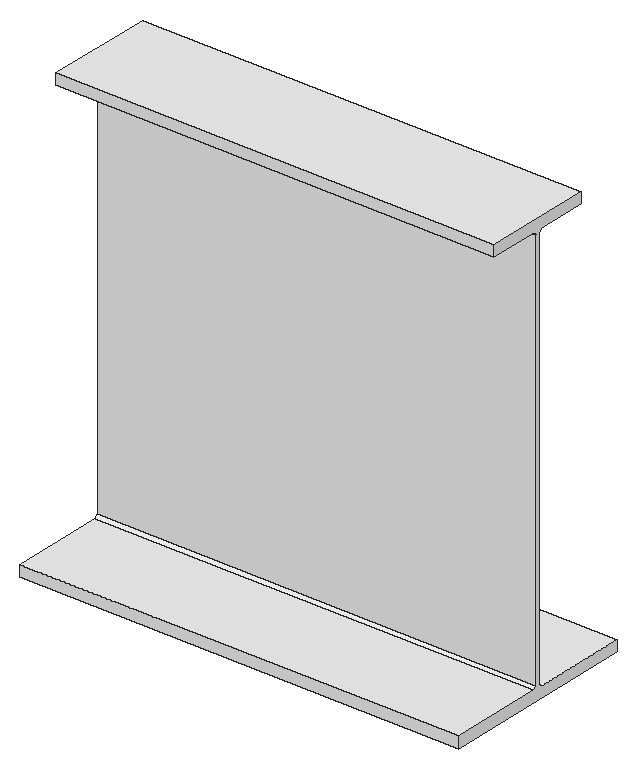
Revit family
Parameters (values of type "WRF1200x309")
  bf_t = 300 mm
  시작 확장 계산 [instance] = 3012.5 mm + 시작 확장  # 3000 mm
  시작 확장 [instance] = -12.5 mm
  끝 확장 계산 [instance] = 3012.5 mm + 끝 확장  # 3000 mm
  끝 확장 [instance] = -12.5 mm
  보 재료 [instance] = 금속 - 스틸 - 345 MPa
  Assembly Code = ""
  A = 0.039 m²
  Length [instance] = 1524 mm
  W = 3.03
  bf_b = 550 mm
  d = 1200 mm
  k = 14 mm
  tf = 30 mm
  tw = 12 mm
Reference planes
  plane 1 "중심(앞/뒤)": y = 0
  plane 2: z = 0
  plane 3 "중심(왼쪽/오른쪽)": x = 4.61
  plane 4 "왼쪽 부재": x = -604.99
  plane 5 "오른쪽 부재": x = 614.21
  plane 6: y = 275
  plane 7: y = -275
  plane 8 "상단": z = 600
  plane 9: z = -600
  plane 10 "왼쪽": x = -757.39
  plane 11 "오른쪽": x = 766.61
  plane 12: x = -604.99
  plane 13: x = 614.21
  plane 14: x = 2395.01
  plane 15: x = -2385.79
Forms (mm)
  Sweep 1, solid, material "금속 - 스틸 - 345 MPa" <- "보 재료", detail levels medium
    path origin (0, 0, 0) x (1, 0, 0) y (0, 1, 0)
      loop
        line (614.21, 0) -> (-604.99, 0)
    profile "M_WRF-와이드 플랜지-프로파일-중간 : M_WRF-와이드 플랜지-프로파일-중간" origin (4.61, 0, 0) x (0, -1, 0) y (0, 0, 1)
      loop
        line (-275, -600) -> (275, -600) -> (275, -570) -> (6, -570) -> (6, 570) -> (150, 570) -> (150, 600) -> (-150, 600) -> (-150, 570) -> (-6, 570) -> (-6, -570) -> (-275, -570) -> (-275, -600)
  Sweep 2, solid, material "금속 - 스틸 - 345 MPa" <- "보 재료", detail levels fine
    path origin (0, 0, 0) x (1, 0, 0) y (0, 1, 0)
      loop
        line (614.21, 0) -> (-604.99, 0)
    profile "M_WRF-와이드 플랜지-프로파일-섬세 : M_WRF-와이드 플랜지-프로파일-섬세" origin (4.61, 0, 0) x (0, -1, 0) y (0, 0, 1)
      loop
        line (-275, -600) -> (275, -600) -> (275, -570) -> (14, -570) -> (6, -562) -> (6, 562) -> (14, 570) -> (150, 570) -> (150, 600) -> (-150, 600) -> (-150, 570) -> (-14, 570) -> (-6, 562) -> (-6, -562) -> (-14, -570) -> (-275, -570) -> (-275, -600)
Lines and regions (mm)
  symbolic lines, style "숨겨진 면", detail levels medium+fine
    curve 1: line (614.21, -6, 0) -> (-604.99, -6, 0)
    curve 2: line (614.21, 6, 0) -> (-604.99, 6, 0)
  symbolic lines, style "기호 부착", detail levels coarse
    curve 3: line (4.61, 150, 600) -> (4.61, -150, 600)
    curve 4: line (4.61, -275, -600) -> (4.61, 275, -600)
    curve 5: line (4.61, 0, 600) -> (4.61, 0, -600)
Dimensions and locks
  "bf_b": plane 6 to plane 7
  "d": plane 9 to plane 8 "상단"
  equal spacing: plane 9, plane 2, plane 8 "상단"
  equal spacing: plane 6, plane 1 "중심(앞/뒤)", plane 7
  "Length": plane 10 "왼쪽" to plane 11 "오른쪽"
  "tw": curve 2 to curve 1
  equal spacing: curve 2, plane 1 "중심(앞/뒤)", curve 1
  locked: plane 4 "왼쪽 부재" to plane 14 at 3000
  locked: plane 15 to plane 5 "오른쪽 부재" at 3000
  "끝 확장 계산": plane 15 to plane 13
  "시작 확장 계산": plane 12 to plane 14
  aligned and locked: Sweep 1 sketch curve to plane 1 "중심(앞/뒤)"
  aligned and locked: Sweep 2 sketch curve to plane 1 "중심(앞/뒤)"
  aligned and locked: Sweep 2 to curve 3  (x2)
  aligned and locked: Sweep 2 to curve 4  (x2)
  aligned and locked: curve 3 to Sweep 2
  aligned and locked: curve 4 to Sweep 2
  aligned and locked: plane 12 to Sweep 2 sketch curve
  aligned and locked: plane 13 to Sweep 2 sketch curve
  aligned and locked: plane 12 to Sweep 1 sketch curve
  aligned and locked: plane 13 to Sweep 1 sketch curve
  aligned and locked: plane 12 to curve 2
  aligned and locked: plane 12 to curve 1
  aligned and locked: plane 13 to curve 2
  aligned and locked: plane 13 to curve 1
Automatic sketch dimensions
  curve 5 to plane 1 "중심(앞/뒤)" = 0 mm
